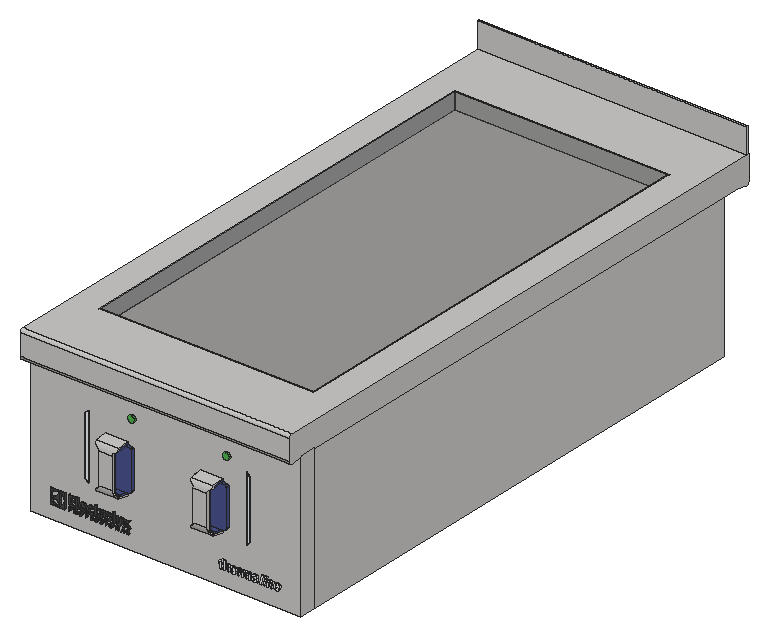
Revit family "QF_ELECTROLUXPROFESSIONAL_588505_MBCBBBDOAO", category Attrezzature speciali, Revit 2020
Family settings
  Quota connettore circolare = Usa diametro
  Tipo di parte = Normale
  Basato su piano di lavoro = No
  Sempre verticale = Sì
  Taglio con vuoti quando caricato = No
  Condiviso = No
  Punto di calcolo locali = No
Parameters (values of type "Standard")
  Weight = 22.00 kg
  Watts = 8000 W
  Volts = 400 V
  URL Manufacturer = "https://www.electroluxprofessional.com/"
  URL = "https://www.electroluxprofessional.com/"
  Steam Supply Size = 0"
  Steam Supply Minimum Pressure = 0.00 psi
  Steam Supply Maximum Pressure = 0.00 psi
  Steam Consumption per Hour = 0
  Refrigeration Suction Line Size = 0 mm
  Refrigeration Liquid Line Size = 0 mm
  Refrigerant Compressor Remote = yes
  Prospetto di default = 0 mm
  Phase = 3
  Modello = "MBCBBBDOAO"
  Produttore = "Electrolux Professional"
  Length Actual = 400 mm  # constant formula
  Item Number = "588505"
  Hot Water Size = 0"
  Height Actual = 250 mm  # constant formula
  HP = "10.7 HP"
  Gas Size = 0"
  Gas KW = 0
  Gas Input Pressure = 0.0 Btu/h
  Direct Waste Size = 0"
  Descrizione = "INFRARED TOP,2 ZONE,1S,BSPL,400X850X250H"
  Depth Actual = 850 mm  # constant formula
  Cycle = 50 Hz
  Condensate Return Size = 0"
  Compressed Air Volume = 0 GPM
  Compressed Air Size = 0"
  Compressed Air Pressure = 0.00 psi
  Cold Water Size = 0"
  Accessory = yes
Reference planes
  plane 1 "BACK": y = 0
  plane 2: z = 0
  plane 3 "LEFT": x = 0
  plane 4 "RIGHT": x = 400
  plane 5 "FRONT": y = -850
  plane 6 "TOP": z = 900
  plane 7 "Center (Left/Right)": x = 200
  plane 8: y = -425
  plane 9: y = -150
  plane 10: x = 40
  plane 11: x = 360
  plane 12: y = -95
  plane 13: y = -755
  plane 14 "EIx": x = 355
  plane 15 "EIy": y = -635
  plane 16: z = 938
  plane 17 "BaseTop": z = 650
  plane 18: y = -805
Forms (mm)
  Extrusion 1, solid, material "QF_Finishes_Stainless Steel"
    sketch origin (-178.969, -4572, 100) x (-1, 0, 0) y (0, -1, 0)
      loop
        line (-178.969, -4527) -> (-178.969, -3767) -> (-578.969, -3767) -> (-578.969, -4527) -> (-178.969, -4527)
    from 550 to 762.969
  Extrusion 2, solid, material "QF_Finishes_Stainless Steel"
    sketch origin (0, 0, 650) x (-1, 0, 0) y (0, -1, 0)
      loop
        circle (-355, 635) r 6.35
    from 0 to -11.851
  Extrusion 3, solid, material "QF_Finishes_Stainless Steel"
    sketch origin (200, 296.4, 1219.2) x (0, 1, 0) y (0, 0, 1)
      loop
        line (-296.4, -319.2) -> (-1141.4, -319.2)
        arc (-1141.4, -319.2) -> (-1144.935, -320.664) -> (-1146.4, -324.2) r 5
        line (-1146.4, -324.2) -> (-1146.4, -355.2)
        arc (-1146.4, -355.2) -> (-1144.971, -358.264) -> (-1141.705, -359.139) r 4
        line (-1141.705, -359.139) -> (-1126.4, -356.231) -> (-316.4, -356.231) -> (-301.094, -359.139)
        arc (-301.094, -359.139) -> (-297.829, -358.264) -> (-296.4, -355.2) r 4
        line (-296.4, -355.2) -> (-296.4, -319.2)
    from -200 to 200
  Extrusion 4, void
    sketch origin (0, 0, 900) x (-1, 0, 0) y (0, -1, 0)
      loop
        line (-40, 755) -> (-360, 755) -> (-360, 95) -> (-40, 95) -> (-40, 755)
    from 0 to -25
  Extrusion 5, solid, material "QF_Finishes_Stainless Steel"
    sketch origin (200, 296.4, 1219.2) x (0, 1, 0) y (0, 0, 1)
      loop
        line (-296.4, -319.2) -> (-296.4, -281.2) -> (-298.4, -281.2) -> (-298.4, -319.2) -> (-296.4, -319.2)
    from 200 to -200
  Extrusion 6, solid, material "QF_Finishes_Electrolux_Black Smoke Iluminated"
    sketch origin (0, 0, 900) x (-1, 0, 0) y (0, -1, 0)
      loop
        line (-42, 97) -> (-42, 753) -> (-358, 753) -> (-358, 97) -> (-42, 97)
    from 0 to -25
Cuts and joins
  Extrusion 4 cuts Extrusion 3
Lines and regions (mm)
  symbolic lines
    curve 1: line (0, 0, 100) -> (400, 0, 100)
    curve 2: line (0, -850, 100) -> (0, 0, 100)
    curve 3: line (400, -850, 100) -> (0, -850, 100)
    curve 4: line (400, 0, 100) -> (400, -850, 100)
    curve 5: line (40, -755, 0) -> (360, -755, 0)
    curve 6: line (360, -755, 0) -> (360, -95, 0)
    curve 7: line (360, -95, 0) -> (40, -95, 0)
    curve 8: line (40, -95, 0) -> (40, -755, 0)
    curve 9: line (0, -2, 0) -> (400, -2, 0)
  model lines
    curve 10: line (49.879, -123.089, 900) -> (71.092, -101.876, 900)
    curve 11: line (71.092, -101.876, 900) -> (328.908, -101.876, 900)
    curve 12: line (81.557, -136.465, 900) -> (62.022, -156, 900)
    curve 13: line (62.022, -156, 900) -> (62.022, -391, 900)
    curve 14: line (62.022, -391, 900) -> (81.394, -410.372, 900)
    curve 15: line (90.69, -354.325, 900) -> (118.974, -382.61, 900)
    curve 16: line (91.385, -328.405, 900) -> (145.888, -382.908, 900)
    curve 17: line (90.69, -300.864, 900) -> (172.007, -382.181, 900)
    curve 18: line (91.358, -274.411, 900) -> (200, -383.053, 900)
    curve 19: line (91.358, -274.411, 900) -> (200, -165.769, 900)
    curve 20: line (200, -354.189, 900) -> (118.683, -272.871, 900)
    curve 21: line (118.683, -272.871, 900) -> (200, -191.554, 900)
    curve 22: line (200, -328.795, 900) -> (145.497, -274.292, 900)
    curve 23: line (145.497, -274.292, 900) -> (200, -219.789, 900)
    curve 24: line (200, -301.584, 900) -> (171.716, -273.3, 900)
    curve 25: line (171.716, -273.3, 900) -> (200, -245.016, 900)
    curve 26: line (90.69, -194.259, 900) -> (118.974, -165.975, 900)
    curve 27: line (91.385, -220.18, 900) -> (145.888, -165.677, 900)
    curve 28: line (90.69, -247.72, 900) -> (172.007, -166.403, 900)
    curve 29: line (309.31, -354.325, 900) -> (281.026, -382.61, 900)
    curve 30: line (308.615, -328.405, 900) -> (254.112, -382.908, 900)
    curve 31: line (309.31, -300.864, 900) -> (227.993, -382.181, 900)
    curve 32: line (308.642, -274.411, 900) -> (200, -383.053, 900)
    curve 33: line (308.642, -274.411, 900) -> (200, -165.769, 900)
    curve 34: line (200, -354.189, 900) -> (281.317, -272.871, 900)
    curve 35: line (281.317, -272.871, 900) -> (200, -191.554, 900)
    curve 36: line (200, -328.795, 900) -> (254.503, -274.292, 900)
    curve 37: line (254.503, -274.292, 900) -> (200, -219.789, 900)
    curve 38: line (200, -301.584, 900) -> (228.284, -273.3, 900)
    curve 39: line (228.284, -273.3, 900) -> (200, -245.016, 900)
    curve 40: line (309.31, -194.259, 900) -> (281.026, -165.975, 900)
    curve 41: line (308.615, -220.18, 900) -> (254.112, -165.677, 900)
    curve 42: line (309.31, -247.72, 900) -> (227.993, -166.403, 900)
    curve 43: line (318.443, -136.465, 900) -> (337.978, -156, 900)
    curve 44: line (337.978, -156, 900) -> (337.978, -391, 900)
    curve 45: line (337.978, -391, 900) -> (318.606, -410.372, 900)
    curve 46: line (350.121, -123.089, 900) -> (328.908, -101.876, 900)
    curve 47: line (49.879, -726.911, 900) -> (71.092, -748.124, 900)
    curve 48: line (71.092, -748.124, 900) -> (328.908, -748.124, 900)
    curve 49: line (81.557, -713.535, 900) -> (62.022, -694, 900)
    curve 50: line (62.022, -694, 900) -> (62.022, -459, 900)
    curve 51: line (62.022, -459, 900) -> (81.394, -439.628, 900)
    curve 52: line (90.69, -495.675, 900) -> (118.974, -467.39, 900)
    curve 53: line (91.385, -521.595, 900) -> (145.888, -467.092, 900)
    curve 54: line (90.69, -549.136, 900) -> (172.007, -467.819, 900)
    curve 55: line (91.358, -575.589, 900) -> (200, -466.947, 900)
    curve 56: line (91.358, -575.589, 900) -> (200, -684.231, 900)
    curve 57: line (200, -495.811, 900) -> (118.683, -577.129, 900)
    curve 58: line (118.683, -577.129, 900) -> (200, -658.446, 900)
    curve 59: line (200, -521.205, 900) -> (145.497, -575.708, 900)
    curve 60: line (145.497, -575.708, 900) -> (200, -630.211, 900)
    curve 61: line (200, -548.416, 900) -> (171.716, -576.7, 900)
    curve 62: line (171.716, -576.7, 900) -> (200, -604.984, 900)
    curve 63: line (90.69, -655.741, 900) -> (118.974, -684.025, 900)
    curve 64: line (91.385, -629.82, 900) -> (145.888, -684.323, 900)
    curve 65: line (90.69, -602.28, 900) -> (172.007, -683.597, 900)
    curve 66: line (309.31, -495.675, 900) -> (281.026, -467.39, 900)
    curve 67: line (308.615, -521.595, 900) -> (254.112, -467.092, 900)
    curve 68: line (309.31, -549.136, 900) -> (227.993, -467.819, 900)
    curve 69: line (308.642, -575.589, 900) -> (200, -466.947, 900)
    curve 70: line (308.642, -575.589, 900) -> (200, -684.231, 900)
    curve 71: line (200, -495.811, 900) -> (281.317, -577.129, 900)
    curve 72: line (281.317, -577.129, 900) -> (200, -658.446, 900)
    curve 73: line (200, -521.205, 900) -> (254.503, -575.708, 900)
    curve 74: line (254.503, -575.708, 900) -> (200, -630.211, 900)
    curve 75: line (200, -548.416, 900) -> (228.284, -576.7, 900)
    curve 76: line (228.284, -576.7, 900) -> (200, -604.984, 900)
    curve 77: line (309.31, -655.741, 900) -> (281.026, -684.025, 900)
    curve 78: line (308.615, -629.82, 900) -> (254.112, -684.323, 900)
    curve 79: line (309.31, -602.28, 900) -> (227.993, -683.597, 900)
    curve 80: line (318.443, -713.535, 900) -> (337.978, -694, 900)
    curve 81: line (337.978, -694, 900) -> (337.978, -459, 900)
    curve 82: line (337.978, -459, 900) -> (318.606, -439.628, 900)
    curve 83: line (350.121, -726.911, 900) -> (328.908, -748.124, 900)
Dimensions and locks
  locked: plane 3 "LEFT" to plane 4 "RIGHT" at 400
  locked: plane 5 "FRONT" to plane 1 "BACK" at 850
  equal spacing: plane 3 "LEFT", plane 7 "Center (Left/Right)", plane 4 "RIGHT"
  equal spacing: plane 5 "FRONT", plane 8, plane 1 "BACK"
  plane 6 "TOP" to level = 900 mm  (x2)
  plane 1 "BACK" to plane 9 = 150 mm
  plane 1 "BACK" to Extrusion 2 = 635 mm
  locked: plane 14 "EIx" to plane 4 "RIGHT" at 45
  locked: plane 15 "EIy" to plane 1 "BACK" at 635
  plane 16 to plane 6 "TOP" = 38 mm
  plane 12 to plane 1 "BACK" = 95 mm
  plane 5 "FRONT" to plane 13 = 95 mm
  plane 3 "LEFT" to plane 10 = 40 mm
  plane 11 to plane 4 "RIGHT" = 40 mm
  locked: plane 6 "TOP" to plane 17 "BaseTop" at 250
  locked: plane 18 to plane 5 "FRONT" at 45
  aligned and locked: level to plane 2
  aligned and locked: cut or joined group of Extrusion 3, Extrusion 4 to plane 3 "LEFT"
  aligned and locked: cut or joined group of Extrusion 3, Extrusion 4 to plane 4 "RIGHT"
  aligned and locked: Extrusion 4 sketch curve to plane 10
  aligned and locked: plane 12 to Extrusion 4 sketch curve
  aligned and locked: plane 11 to Extrusion 4 sketch curve
  aligned and locked: Extrusion 4 sketch curve to plane 13
  aligned and locked: nested 1 to plane 18
  aligned and locked: Extrusion 1 to plane 18
  aligned and locked: Extrusion 5 to plane 3 "LEFT"
  aligned and locked: Extrusion 5 to plane 4 "RIGHT"
  aligned and locked: plane 3 "LEFT" to nested 1
Automatic sketch dimensions
  Extrusion 2 sketch curve to plane 14 "EIx" = 0 mm
  Extrusion 2 sketch curve to plane 15 "EIy" = 0 mm
  Extrusion 5 sketch curve to plane 6 "TOP" = 0 mm
  Extrusion 5 sketch curve to plane 16 = 0 mm
  Extrusion 5 sketch curve to plane 1 "BACK" = 0 mm
  Extrusion 5 sketch curve to Extrusion 5 sketch curve = 2 mm
  Extrusion 3 sketch curve to plane 5 "FRONT" = 0 mm
  Extrusion 3 sketch curve to plane 6 "TOP" = 0 mm
  Extrusion 3 sketch curve to plane 1 "BACK" = 0 mm
  Extrusion 3 sketch curve to Extrusion 3 sketch curve = 4 mm
  Extrusion 3 sketch curve to Extrusion 3 sketch curve = 0.695 mm
  Extrusion 3 sketch curve to plane 5 "FRONT" = 5 mm
  Extrusion 3 sketch curve to Extrusion 3 sketch curve = 15.305 mm
  plane 1 "BACK" to Extrusion 3 sketch curve = 20 mm
  plane 1 "BACK" to Extrusion 3 sketch curve = 4.695 mm
  plane 1 "BACK" to Extrusion 3 sketch curve = 4 mm
  Extrusion 3 sketch curve to Extrusion 3 sketch curve = 31 mm
  Extrusion 3 sketch curve to Extrusion 3 sketch curve = 36 mm
  Extrusion 3 sketch curve to Extrusion 3 sketch curve = 2.909 mm
  curve 9 to plane 3 "LEFT" = 0 mm
  curve 5 to plane 10 = 0 mm
  curve 6 to plane 11 = 0 mm
  curve 9 to plane 4 "RIGHT" = 0 mm
  plane 13 to curve 5 = 0 mm
  plane 12 to curve 7 = 0 mm
  plane 1 "BACK" to curve 9 = 2 mm
  Extrusion 1 sketch curve to plane 4 "RIGHT" = 0 mm
  Extrusion 1 sketch curve to plane 3 "LEFT" = 0 mm
  Extrusion 1 sketch curve to plane 18 = 0 mm
  plane 1 "BACK" to Extrusion 1 sketch curve = 45 mm
  plane 1 "BACK" to curve 1 = 0 mm
  curve 1 to plane 4 "RIGHT" = 0 mm
  curve 3 to plane 3 "LEFT" = 0 mm
  plane 5 "FRONT" to curve 3 = 0 mm
  curve 34 to plane 7 "Center (Left/Right)" = 0 mm
  curve 39 to plane 7 "Center (Left/Right)" = 0 mm
  curve 33 to plane 7 "Center (Left/Right)" = 0 mm
  curve 32 to plane 7 "Center (Left/Right)" = 0 mm
  curve 35 to plane 7 "Center (Left/Right)" = 0 mm
  curve 61 to plane 7 "Center (Left/Right)" = 0 mm
  curve 59 to plane 7 "Center (Left/Right)" = 0 mm
  curve 38 to plane 7 "Center (Left/Right)" = 0 mm
  curve 76 to plane 7 "Center (Left/Right)" = 0 mm
  curve 37 to plane 7 "Center (Left/Right)" = 0 mm
  curve 58 to plane 7 "Center (Left/Right)" = 0 mm
  curve 71 to plane 7 "Center (Left/Right)" = 0 mm
  curve 70 to plane 7 "Center (Left/Right)" = 0 mm
  curve 22 to plane 7 "Center (Left/Right)" = 0 mm
  curve 69 to plane 7 "Center (Left/Right)" = 0 mm
  curve 74 to plane 7 "Center (Left/Right)" = 0 mm
  plane 7 "Center (Left/Right)" to curve 39 = 28.284 mm
  plane 7 "Center (Left/Right)" to curve 75 = 28.284 mm
  curve 73 to curve 75 = 26.219 mm
  curve 36 to curve 38 = 26.219 mm
  curve 72 to curve 73 = 26.814 mm
  curve 35 to curve 36 = 26.814 mm
  curve 69 to curve 71 = 27.325 mm
  curve 32 to curve 34 = 27.325 mm
  curve 83 to plane 13 = 6.876 mm
  plane 14 "EIx" to curve 83 = 26.092 mm
  plane 12 to curve 46 = 6.876 mm
  plane 14 "EIx" to curve 46 = 26.092 mm
  plane 14 "EIx" to curve 45 = 17.022 mm
  plane 14 "EIx" to curve 81 = 17.022 mm
  curve 48 to plane 10 = 31.092 mm
  curve 11 to plane 10 = 31.092 mm
  curve 51 to plane 10 = 22.022 mm
  curve 13 to plane 9 = 6 mm
  curve 13 to plane 10 = 22.022 mm
  curve 44 to plane 9 = 6 mm
  curve 19 to plane 9 = 15.769 mm
  curve 19 to curve 35 = 25.785 mm
  curve 21 to curve 23 = 28.235 mm
  curve 23 to curve 39 = 25.226 mm
  curve 25 to curve 20 = 27.856 mm
  curve 25 to curve 24 = 28.284 mm
  curve 38 to curve 37 = 0.992 mm
  curve 34 to curve 32 = 1.54 mm
  plane 8 to curve 44 = 34 mm
  plane 8 to curve 14 = 34 mm
  curve 81 to plane 8 = 34 mm
  curve 51 to plane 8 = 34 mm
  curve 55 to plane 8 = 41.947 mm
  curve 55 to curve 57 = 28.865 mm
  curve 57 to curve 59 = 25.393 mm
  curve 59 to curve 75 = 27.211 mm
  plane 15 "EIy" to curve 70 = 59.411 mm
  curve 69 to curve 74 = 0.119 mm
  curve 74 to curve 76 = 0.992 mm
  curve 73 to curve 72 = 1.421 mm
  curve 80 to curve 48 = 54.124 mm
  curve 49 to curve 47 = 54.124 mm
  plane 7 "Center (Left/Right)" to curve 31 = 27.993 mm
  plane 7 "Center (Left/Right)" to curve 42 = 27.993 mm
  plane 7 "Center (Left/Right)" to curve 68 = 27.993 mm
  plane 7 "Center (Left/Right)" to curve 79 = 27.993 mm
  curve 30 to curve 31 = 26.12 mm
  curve 78 to curve 79 = 26.12 mm
  curve 67 to curve 68 = 26.12 mm
  curve 41 to plane 9 = 15.677 mm
  curve 41 to curve 42 = 26.12 mm
  curve 66 to curve 67 = 26.913 mm
  curve 77 to curve 78 = 26.913 mm
  curve 40 to plane 9 = 15.975 mm
  curve 40 to curve 41 = 26.913 mm
  curve 29 to curve 30 = 26.913 mm
  plane 14 "EIx" to curve 41 = 46.385 mm
  plane 15 "EIy" to curve 78 = 5.18 mm
  plane 14 "EIx" to curve 78 = 46.385 mm
  plane 14 "EIx" to curve 67 = 46.385 mm
  plane 14 "EIx" to curve 30 = 46.385 mm
  curve 66 to curve 67 = 0.694 mm
  curve 31 to curve 32 = 0.667 mm
  curve 29 to curve 30 = 0.694 mm
  curve 40 to curve 41 = 0.694 mm
  curve 79 to curve 69 = 0.667 mm
  curve 68 to curve 69 = 0.667 mm
  curve 42 to curve 32 = 0.667 mm
  curve 77 to plane 15 "EIy" = 20.741 mm
  curve 77 to curve 78 = 0.694 mm
  plane 9 to curve 43 = 13.535 mm
  curve 43 to curve 43 = 19.535 mm
  curve 80 to curve 80 = 19.535 mm  (x2)
  curve 82 to plane 8 = 14.628 mm
  curve 81 to curve 82 = 19.372 mm
  plane 8 to curve 45 = 14.628 mm
  curve 44 to curve 45 = 19.372 mm
  plane 14 "EIx" to curve 46 = 4.879 mm
  plane 14 "EIx" to curve 83 = 4.879 mm
  curve 65 to plane 7 "Center (Left/Right)" = 27.993 mm
  curve 17 to plane 7 "Center (Left/Right)" = 27.993 mm
  curve 28 to plane 7 "Center (Left/Right)" = 27.993 mm
  curve 54 to plane 7 "Center (Left/Right)" = 27.993 mm
  curve 27 to plane 9 = 15.677 mm
  curve 28 to curve 27 = 26.12 mm
  curve 65 to curve 64 = 26.12 mm
  curve 54 to curve 53 = 26.12 mm
  curve 17 to curve 16 = 26.12 mm
  curve 26 to plane 9 = 15.975 mm
  curve 27 to curve 26 = 26.913 mm
  curve 64 to curve 63 = 26.913 mm
  curve 16 to curve 15 = 26.913 mm
  curve 53 to curve 52 = 26.913 mm
  curve 16 to plane 10 = 51.385 mm
  plane 15 "EIy" to curve 64 = 5.18 mm
  curve 64 to plane 10 = 51.385 mm
  curve 53 to plane 10 = 51.385 mm
  curve 27 to plane 10 = 51.385 mm
  curve 63 to plane 15 "EIy" = 20.741 mm
  curve 64 to curve 63 = 0.694 mm
  curve 18 to curve 17 = 0.667 mm
  curve 53 to curve 52 = 0.694 mm
  curve 18 to curve 28 = 0.667 mm
  curve 55 to curve 54 = 0.667 mm
  curve 27 to curve 26 = 0.694 mm
  curve 16 to curve 15 = 0.694 mm
  curve 55 to curve 65 = 0.667 mm
  curve 49 to curve 49 = 19.535 mm  (x2)
  plane 9 to curve 12 = 13.535 mm
  curve 12 to curve 12 = 19.535 mm
  curve 51 to plane 8 = 14.628 mm
  curve 51 to curve 51 = 19.372 mm
  plane 8 to curve 14 = 14.628 mm
  curve 14 to curve 13 = 19.372 mm
  curve 47 to plane 10 = 9.879 mm
  curve 10 to plane 10 = 9.879 mm
  plane 9 to curve 10 = 26.911 mm
  plane 9 to curve 46 = 26.911 mm
  curve 42 to plane 9 = 16.403 mm
  curve 28 to plane 9 = 16.403 mm
  curve 26 to curve 26 = 28.284 mm
  curve 40 to curve 40 = 28.284 mm
  curve 40 to curve 41 = 25.921 mm
  curve 26 to curve 27 = 25.921 mm
  curve 28 to curve 18 = 26.691 mm
  curve 42 to curve 32 = 26.691 mm
  curve 18 to curve 17 = 26.453 mm
  curve 32 to curve 31 = 26.453 mm
  curve 31 to curve 30 = 27.541 mm
  curve 17 to curve 16 = 27.541 mm
  curve 16 to curve 15 = 25.921 mm
  curve 30 to curve 29 = 25.921 mm
  curve 17 to curve 18 = 0.872 mm
  curve 31 to curve 18 = 0.872 mm
  curve 15 to curve 15 = 28.284 mm
  curve 29 to curve 29 = 28.284 mm
  curve 31 to curve 30 = 0.727 mm
  curve 17 to curve 16 = 0.727 mm
  curve 67 to plane 8 = 42.092 mm
  curve 53 to plane 8 = 42.092 mm
  curve 67 to curve 66 = 0.298 mm
  curve 53 to curve 52 = 0.298 mm
  curve 67 to curve 68 = 0.727 mm
  curve 53 to curve 54 = 0.727 mm
  curve 52 to curve 52 = 28.284 mm
  curve 66 to curve 66 = 28.284 mm
  curve 52 to curve 53 = 25.921 mm
  curve 66 to curve 67 = 25.921 mm
  curve 54 to curve 55 = 26.453 mm
  curve 68 to curve 69 = 26.453 mm
  curve 69 to curve 79 = 26.691 mm
  curve 55 to curve 65 = 26.691 mm
  curve 65 to curve 56 = 0.635 mm
  curve 79 to curve 56 = 0.635 mm
  curve 63 to curve 63 = 28.284 mm
  curve 77 to curve 77 = 28.284 mm
  curve 65 to curve 64 = 0.727 mm
  curve 79 to curve 78 = 0.727 mm
  curve 83 to plane 13 = 28.089 mm
  curve 47 to plane 13 = 28.089 mm
  plane 11 to Extrusion 6 sketch curve = 2 mm
  Extrusion 6 sketch curve to plane 10 = 2 mm
  plane 12 to Extrusion 6 sketch curve = 2 mm
  Extrusion 6 sketch curve to plane 13 = 2 mm
  radius of Extrusion 2 sketch curve = 6.35 mm
Nested families
  nested 1: "Front_Panel_W400_2 Knobs_Spie" at (52.376, -805, 0), type "Front_Panel_W400_2 Knobs_Spie"
Connectors
  electrical at (355, -635, 638.149)
    settings: on Extrusion 2, index 1, voltage 400 V, apparent load 33000 VA, apparent load phase1 0 VA, apparent load phase2 0 VA, apparent load phase3 0 VA, power factor 1, load classification "Other", number of poles 1, system type 30, power factor state 1, is connector primary yes, connector utility no, sub classification motor no, connector description "ELECTRICAL CONNECTION"
Definition of nested family "Front_Panel_W400_2 Knobs_Spie"
  Parameters
    Default Elevation = 0 mm
  Reference planes
    plane 1 "Center (Front/Back)": y = 0
    plane 2: z = 0
    plane 3 "Center (Left/Right)": x = 147.624
    plane 4 "Left": x = -52.376
    plane 5 "Right": x = 347.624
    plane 6: y = -45
    plane 7 "Panel": y = -25
  Forms (mm)
    Extrusion 1, solid
      sketch origin (833.217, 829.203, -1.25) x (0, 1, 0) y (0, 0, 1)
        loop
          line (-854.203, 651.25) -> (-829.203, 651.25) -> (-829.203, 864.25) -> (-854.203, 864.25) -> (-854.203, 651.25)
      from -885.593 to -485.593
    Extrusion 2, void
      sketch origin (0, -25, -10) x (0, 0, 1) y (-1, 0, 0)
        loop
          line (731.866, -27.624) -> (726.866, -32.624) -> (823.866, -32.624) -> (818.866, -27.624) -> (731.866, -27.624)
        loop
          line (731.866, -272.624) -> (818.866, -272.624) -> (823.866, -267.624) -> (726.866, -267.624) -> (731.866, -272.624)
      from 0 to -2
    Extrusion 3, solid
      sketch origin (110, -25, 1.163) x (0, 0, 1) y (-1, 0, 0)
        loop
          circle (824.337, 12.376) r 5
      from 0 to 1.7
    Extrusion 4, solid
      sketch origin (0, -25, -10) x (0, 0, 1) y (-1, 0, 0)
        loop
          line (731.866, -27.624) -> (726.866, -32.624) -> (823.866, -32.624) -> (818.866, -27.624) -> (731.866, -27.624)
        loop
          line (726.866, -267.624) -> (731.866, -272.624) -> (818.866, -272.624) -> (823.866, -267.624) -> (726.866, -267.624)
      from 0 to -2
    Extrusion 5, solid
      sketch origin (250.724, -25, 1.163) x (0, 0, 1) y (-1, 0, 0)
        loop
          circle (824.337, 12.376) r 5
      from 0 to 1.7
  Cuts and joins
    Extrusion 2 cuts Extrusion 1
  Dimensions and locks
    equal spacing: plane 5 "Right", plane 3 "Center (Left/Right)", plane 4 "Left"
    plane 5 "Right" to plane 4 "Left" = 400 mm
    aligned and locked: cut or joined group of Extrusion 1, Extrusion 2 to plane 4 "Left"
    aligned and locked: plane 5 "Right" to cut or joined group of Extrusion 1, Extrusion 2
  Automatic sketch dimensions
    Extrusion 1 sketch curve to plane 7 "Panel" = 0 mm
    Extrusion 1 sketch curve to plane 1 "Center (Front/Back)" = 0 mm
    Extrusion 2 sketch curve to Extrusion 2 sketch curve = 5 mm  (x6)
    Extrusion 2 sketch curve to plane 5 "Right" = 75 mm
    plane 4 "Left" to Extrusion 2 sketch curve = 85 mm
    Extrusion 3 sketch curve to plane 3 "Center (Left/Right)" = 50 mm
    Extrusion 4 sketch curve to Extrusion 4 sketch curve = 5 mm  (x6)
    Extrusion 4 sketch curve to plane 5 "Right" = 75 mm
    plane 4 "Left" to Extrusion 4 sketch curve = 85 mm
    plane 3 "Center (Left/Right)" to Extrusion 5 sketch curve = 90.724 mm
    level to Extrusion 1 sketch curve = 650 mm
    Extrusion 1 sketch curve to Extrusion 1 sketch curve = 213 mm
    level to Extrusion 2 sketch curve = 716.866 mm
    Extrusion 2 sketch curve to Extrusion 2 sketch curve = 0 mm
    Extrusion 2 sketch curve to Extrusion 2 sketch curve = 87 mm  (x2)
    level to Extrusion 3 sketch curve = 825.5 mm
    level to Extrusion 4 sketch curve = 716.866 mm
    Extrusion 4 sketch curve to Extrusion 4 sketch curve = 0 mm
    Extrusion 4 sketch curve to Extrusion 4 sketch curve = 87 mm  (x2)
    level to Extrusion 5 sketch curve = 825.5 mm
    radius of Extrusion 3 sketch curve = 5 mm
    radius of Extrusion 5 sketch curve = 5 mm
  Nested families
    nested 1: "Range Control Handle" at (77.624, -28.137, -209.113) x (-1, 0, 0) z (0, 0, 1), type "Range Control Handle"
    nested 2: "Range Control Handle" at (217.624, -28.137, -209.113), type "Range Control Handle"
    nested 3: "ELX_ThermaLine_Small" at (269.008, -25, 679.413) x (1, 0, 0) z (0, -1, 0), type "ELX_ThermaLine_Small"
      with Show Logo yes, Material_Logo none
    nested 4: "ELX_Professional_Logo_Small" at (37.088, -25, 681.646) x (1, 0, 0) z (0, -1, 0), type "ELX_Professional_Logo_Small"
      with Show Logo yes, Material_Logo none
  Definition of nested family "Range Control Handle"
    Parameters
      Default Elevation = 0 mm
    Reference planes
      plane 1 "Center (Front/Back)": y = 0
      plane 2: z = 0
      plane 3 "Center (Left/Right)": x = 0
      plane 4: z = 971.092
      plane 5: y = -16.9
    Forms (mm)
      Extrusion 1, solid
        sketch origin (-746.28, 380.497, 208.931) x (-1, 0, 0) y (0, 0, 1)
          loop
            line (-770.101, 786.798) -> (-770.101, 731.649)
            arc (-770.101, 731.649) -> (-769.759, 730.563) -> (-768.855, 729.87) r 1.893
            line (-768.855, 729.87) -> (-763.474, 727.911) -> (-729.81, 727.911) -> (-724.428, 729.87)
            arc (-724.428, 729.87) -> (-723.525, 730.563) -> (-723.183, 731.649) r 1.893
            line (-723.183, 731.649) -> (-723.183, 786.798)
            arc (-723.183, 786.798) -> (-723.529, 787.894) -> (-724.44, 788.593) r 1.91
            line (-724.44, 788.593) -> (-729.683, 790.819) -> (-763.601, 790.819) -> (-768.844, 788.593)
            arc (-768.844, 788.593) -> (-769.755, 787.894) -> (-770.101, 786.798) r 1.91
        from -382.35 to -378.852
      Sweep 2, solid
        path origin (-746.788, 380.496, 208.091) x (0, -1, 0) y (0, 0, 1)
          loop
            line (379.775, 793.281) -> (395.661, 791.048)
            arc (395.661, 791.048) -> (397.781, 787.377) -> (398.517, 783.202) r 12.207
            line (398.517, 783.202) -> (398.517, 737.368)
            arc (398.517, 737.368) -> (397.781, 733.193) -> (395.661, 729.522) r 12.207
            line (395.661, 729.522) -> (379.775, 727.289)
        profile origin (-746.788, -7.222, 1000.256) x (0, -0.139173, 0.990268) y (-1, 0, 0)
          loop
            line (0.782, -763.123) -> (0.782, -730.907) -> (-1.322, -730.907) -> (-1.322, -763.123) -> (0.782, -763.123)
      Sweep 3, solid
        path origin (-746.788, 380.715, 207.832) x (0, -1, 0) y (0, 0, 1)
          loop
            line (380.478, 795.442) -> (397.218, 793.09)
            arc (397.218, 793.09) -> (399.929, 788.473) -> (400.871, 783.202) r 15.207
            line (400.871, 783.202) -> (400.871, 737.584)
            arc (400.871, 737.584) -> (399.914, 732.274) -> (397.164, 727.633) r 15.207
            line (397.164, 727.633) -> (380.601, 725.305)
        profile origin (-746.788, -8.132, 1002.099) x (0, -0.139173, 0.990268) y (-1, 0, 0)
          loop
            line (0.782, -763.123) -> (0.782, -730.907) -> (-1.322, -730.907) -> (-1.322, -763.123) -> (0.782, -763.123)
      Extrusion 4, void
        sketch origin (889.253, 220.666, 207.993) x (1, 0, 0) y (0, 0, 1)
          loop
            line (-943.038, 816.854) -> (-943.038, 703.686) -> (-899.466, 734.196) -> (-899.466, 786.344) -> (-943.038, 816.854)
        from 230.636 to 242.25
      Extrusion 5, void
        sketch origin (-888.8, 220.666, 207.993) x (-1, 0, 0) y (0, 0, -1)
          loop
            line (-943.038, -816.854) -> (-899.466, -786.344) -> (-899.466, -734.196) -> (-943.038, -703.686) -> (-943.038, -816.854)
        from 230.636 to 242.25
      Extrusion 6, solid
        sketch origin (0, 0, 0) x (1, 0, 0) y (0, 0, 1)
          loop
            circle (0, 971.092) r 7.736
        from -3.137 to -1.645
    Cuts and joins
      Extrusion 4, Extrusion 5 cuts Sweep 3
      Extrusion 4, Extrusion 5 cuts Sweep 2
      joined: Extrusion 1, Extrusion 6
    Lines and regions (mm)
      symbolic lines
        curve 1: line (16.334, -16.9, 0) -> (16.334, -19.227, 0)
        curve 2: spline (16.334, -19.227, 0) -> (15.87, -19.385, 0) -> (15.404, -19.536, 0) -> (14.936, -19.678, 0) -> (14.466, -19.813, 0) -> (13.995, -19.94, 0) -> (13.523, -20.059, 0) -> (13.049, -20.171, 0) -> (12.575, -20.274, 0) -> (12.099, -20.37, 0) -> (11.622, -20.458, 0) -> (11.144, -20.537, 0) -> (10.666, -20.609, 0)
        curve 3: line (10.666, -16.9, 0) -> (10.666, -20.938, 0)
        curve 4: line (-10.213, -20.938, 0) -> (10.666, -20.938, 0)
        curve 5: line (-10.213, -20.938, 0) -> (-10.213, -16.9, 0)
        curve 6: spline (-10.213, -20.609, 0) -> (-10.691, -20.537, 0) -> (-11.169, -20.458, 0) -> (-11.646, -20.37, 0) -> (-12.122, -20.274, 0) -> (-12.597, -20.171, 0) -> (-13.07, -20.059, 0) -> (-13.542, -19.94, 0) -> (-14.013, -19.813, 0) -> (-14.483, -19.678, 0) -> (-14.951, -19.536, 0) -> (-15.417, -19.385, 0) -> (-15.881, -19.227, 0)
        curve 7: line (-15.881, -19.227, 0) -> (-15.881, -16.9, 0)
  Definition of nested family "ELX_ThermaLine_Small"
    Parameters
      Show Logo [instance] = yes
      Material_Logo [instance] = none
      Default Elevation = 0 mm
    Reference planes
      plane 1 "Centro (Fronte/Retro)": y = 0
      plane 2: z = 0
      plane 3 "Centro (Sinistra/Destra)": x = 0
    Forms (mm)
      Extrusion 1, solid
        sketch origin (0, 0, 0) x (1, 0, 0) y (0, 1, 0)
          loop
            line (-1219.2, 1219.2) -> (-1219.2, -1219.2) -> (1219.2, -1219.2) -> (1219.2, 1219.2) -> (-1219.2, 1219.2)
        from 0 to -304.8
      Extrusion 2, solid
        sketch origin (0, 0, 0) x (1, 0, 0) y (0, 1, 0)
          loop
            line (-37.494, 1.229) -> (-35.908, 1.229) -> (-35.908, 3.066) -> (-37.494, 3.066) -> (-37.494, 6.221) -> (-39.867, 4.881) -> (-39.867, 3.066) -> (-40.969, 3.066) -> (-40.969, 1.229) -> (-39.867, 1.229) -> (-39.867, -3.407)
            arc (-39.867, -3.407) -> (-38.982, -5.513) -> (-36.751, -6.001) r 2.478
            line (-36.751, -6.001) -> (-35.638, -5.7) -> (-35.9, -3.835) -> (-36.661, -4.039)
            arc (-36.661, -4.039) -> (-37.236, -3.924) -> (-37.494, -3.399) r 0.662
            line (-37.494, -3.399) -> (-37.494, 1.229)
          loop
            line (-34.242, 6.539) -> (-34.242, -5.848) -> (-31.854, -5.848) -> (-31.854, -0.078)
            arc (-31.854, -0.078) -> (-30.939, 1.249) -> (-29.33, 1.367) r 1.866
            arc (-29.33, 1.367) -> (-28.695, 0.768) -> (-28.461, -0.073) r 1.627
            line (-28.461, -0.073) -> (-28.461, -5.848) -> (-26.086, -5.848) -> (-26.064, -0.46)
            arc (-26.064, -0.46) -> (-26.261, 0.932) -> (-26.786, 2.237) r 5.825
            arc (-26.786, 2.237) -> (-29.381, 3.264) -> (-31.854, 1.971) r 3.353
            line (-31.854, 1.971) -> (-31.854, 6.539) -> (-34.242, 6.539)
          loop
            arc (-18.398, -0.598) -> (-18.893, 0.879) -> (-20.326, 1.487) r 1.897
            arc (-20.326, 1.487) -> (-21.461, 0.708) -> (-21.897, -0.598) r 2.164
            line (-21.897, -0.598) -> (-18.398, -0.598)
          loop
            arc (-16.021, -2.044) -> (-16.754, 1.227) -> (-19.444, 3.226) r 4.814
            arc (-19.444, 3.226) -> (-22.137, 2.788) -> (-23.943, 0.743) r 4.054
            arc (-23.943, 0.743) -> (-24.382, -1.249) -> (-24.162, -3.276) r 6.289
            arc (-24.162, -3.276) -> (-23.302, -4.71) -> (-21.958, -5.705) r 4.28
            arc (-21.958, -5.705) -> (-18.558, -5.814) -> (-16.152, -3.409) r 4.28
            line (-16.152, -3.409) -> (-18.5, -2.995)
            arc (-18.5, -2.995) -> (-19.273, -3.994) -> (-20.533, -4.076) r 1.536
            arc (-20.533, -4.076) -> (-21.56, -3.281) -> (-21.958, -2.044) r 2.197
            line (-21.958, -2.044) -> (-16.021, -2.044)
          loop
            line (-14.165, -5.848) -> (-11.819, -5.848) -> (-11.819, -2.138)
            arc (-11.819, -2.138) -> (-11.787, -1.156) -> (-11.637, -0.185) r 8.18
            arc (-11.637, -0.185) -> (-10.644, 0.972) -> (-9.132, 0.776) r 1.603
            line (-9.132, 0.776) -> (-8.419, 2.846)
            arc (-8.419, 2.846) -> (-10.432, 3.118) -> (-11.994, 1.821) r 2.527
            line (-11.994, 1.821) -> (-11.994, 3.094) -> (-14.165, 3.094) -> (-14.165, -5.848)
          loop
            line (-7.579, 3.094) -> (-7.579, -5.848) -> (-5.178, -5.848) -> (-5.178, -0.756)
            arc (-5.178, -0.756) -> (-4.727, 0.679) -> (-3.417, 1.419) r 2.05
            arc (-3.417, 1.419) -> (-2.499, 0.908) -> (-2.155, -0.085) r 1.471
            line (-2.155, -0.085) -> (-2.155, -5.848) -> (0.23, -5.848) -> (0.23, -1.001)
            arc (0.23, -1.001) -> (0.47, 0.127) -> (1.148, 1.061) r 2.775
            arc (1.148, 1.061) -> (2.225, 1.329) -> (3.05, 0.587) r 1.182
            arc (3.05, 0.587) -> (3.199, -0.019) -> (3.214, -0.642) r 2.894
            line (3.214, -0.642) -> (3.214, -5.848) -> (5.601, -5.848) -> (5.601, 0.261)
            arc (5.601, 0.261) -> (4.87, 2.263) -> (2.976, 3.241) r 2.932
            arc (2.976, 3.241) -> (1.284, 2.973) -> (-0.047, 1.896) r 3.309
            arc (-0.047, 1.896) -> (-1.116, 2.865) -> (-2.506, 3.258) r 3.16
            arc (-2.506, 3.258) -> (-4.105, 2.942) -> (-5.376, 1.92) r 3.419
            line (-5.376, 1.92) -> (-5.376, 3.094) -> (-7.579, 3.094)
          loop
            line (7.583, 0.738) -> (9.702, 0.364)
            arc (9.702, 0.364) -> (11.441, 1.492) -> (12.855, -0.023) r 1.613
            line (12.855, -0.023) -> (9.782, -0.789)
            arc (9.782, -0.789) -> (8.559, -1.346) -> (7.617, -2.305) r 3.687
            arc (7.617, -2.305) -> (7.499, -3.681) -> (7.901, -5.003) r 3.651
            arc (7.901, -5.003) -> (9.107, -5.766) -> (10.515, -6.006) r 3.635
            arc (10.515, -6.006) -> (11.898, -5.697) -> (13.067, -4.895) r 3.734
            line (13.067, -4.895) -> (13.376, -5.848) -> (15.75, -5.848) -> (15.212, -4.193) -> (15.212, 0.38)
            arc (15.212, 0.38) -> (14.897, 1.849) -> (13.818, 2.895) r 2.585
            arc (13.818, 2.895) -> (11.792, 3.442) -> (9.719, 3.11) r 5.005
            arc (9.719, 3.11) -> (8.369, 2.178) -> (7.583, 0.738) r 3.54
          loop
            line (19.723, -5.848) -> (22.233, -5.848) -> (24.854, 6.484) -> (22.345, 6.484) -> (19.723, -5.848)
          loop
            line (24.583, -5.848) -> (26.953, -5.848) -> (28.848, 3.066) -> (26.478, 3.066) -> (24.583, -5.848)
          loop
            line (27.204, 6.484) -> (26.741, 4.305) -> (29.111, 4.305) -> (29.575, 6.484) -> (27.204, 6.484)
          loop
            line (29.355, -5.848) -> (31.849, -5.848) -> (33.098, 0.028)
            arc (33.098, 0.028) -> (34.169, 1.306) -> (35.832, 1.422) r 2.132
            arc (35.832, 1.422) -> (36.324, 0.752) -> (36.383, -0.078) r 1.5
            line (36.383, -0.078) -> (35.157, -5.848) -> (37.536, -5.848) -> (38.936, 0.738)
            arc (38.936, 0.738) -> (38.775, 2.091) -> (37.825, 3.066) r 2.118
            arc (37.825, 3.066) -> (35.392, 3.175) -> (33.295, 1.937) r 4.271
            line (33.295, 1.937) -> (33.535, 3.066) -> (31.25, 3.066) -> (29.355, -5.848)
          loop
            line (42.792, -0.64) -> (46.589, -0.64)
            arc (46.589, -0.64) -> (46.639, 0.124) -> (46.327, 0.823) r 1.589
            arc (46.327, 0.823) -> (45.117, 1.521) -> (43.762, 1.183) r 1.865
            arc (43.762, 1.183) -> (43.141, 0.344) -> (42.792, -0.64) r 3.538
          loop
            line (42.565, -2.138) -> (48.593, -2.138)
            arc (48.593, -2.138) -> (48.58, 0.597) -> (46.983, 2.818) r 4.494
            arc (46.983, 2.818) -> (44.191, 3.28) -> (41.725, 1.891) r 4.26
            arc (41.725, 1.891) -> (40.503, -0.3) -> (40.284, -2.799) r 6.003
            arc (40.284, -2.799) -> (40.959, -4.468) -> (42.377, -5.576) r 3.482
            arc (42.377, -5.576) -> (44.265, -5.961) -> (46.152, -5.576) r 4.823
            arc (46.152, -5.576) -> (47.432, -4.731) -> (48.328, -3.485) r 4.245
            line (48.328, -3.485) -> (46.168, -3.105)
            arc (46.168, -3.105) -> (45.214, -4.072) -> (43.859, -4.181) r 1.953
            arc (43.859, -4.181) -> (42.821, -3.408) -> (42.565, -2.138) r 1.81
          loop
            line (12.868, -1.553) -> (10.216, -2.214)
            arc (10.216, -2.214) -> (9.747, -3.136) -> (10.216, -4.058) r 1.14
            arc (10.216, -4.058) -> (11.537, -4.249) -> (12.614, -3.46) r 1.763
            arc (12.614, -3.46) -> (12.858, -2.522) -> (12.868, -1.553) r 3.97
        from 0 to 1.6
    Dimensions and locks
      aligned and locked: plane 2 to Extrusion 1
      aligned and locked: level to Extrusion 1
  Definition of nested family "ELX_Professional_Logo_Small"
    Parameters
      Show Logo [instance] = yes
      Material_Logo [instance] = none
      Default Elevation = 0 mm
    Reference planes
      plane 1 "Centro (Fronte/Retro)": y = 0
      plane 2: z = 0
      plane 3 "Centro (Sinistra/Destra)": x = 0
    Forms (mm)
      Extrusion 1, solid
        sketch origin (0, 0, 0) x (1, 0, 0) y (0, 1, 0)
          loop
            line (-1219.2, 1219.2) -> (-1219.2, -1219.2) -> (1219.2, -1219.2) -> (1219.2, 1219.2) -> (-1219.2, 1219.2)
        from 0 to -304.8
      Extrusion 2, solid, material <- "Material_Logo"
        sketch origin (15.5, 0, 0) x (1, 0, 0) y (0, 1, 0)
          loop
            spline (-42.99, -1.24) -> (-43.195, -1.231) -> (-43.415, -1.203) -> (-43.642, -1.152) -> (-43.87, -1.074) -> (-44.095, -0.966) -> (-44.309, -0.825) -> (-44.506, -0.647) -> (-44.681, -0.429) -> (-44.828, -0.167) -> (-44.94, 0.142) -> (-45.011, 0.501) -> (-45.037, 0.915)
            line (-45.037, 0.915) -> (-45.037, 2.748) -> (-38.984, 2.748) -> (-38.984, 5.086) -> (-45.038, 5.086) -> (-45.038, 8.489) -> (-38.599, 8.489) -> (-38.599, 10.82) -> (-47.515, 10.82) -> (-47.515, 1.021)
            spline (-47.515, 1.021) -> (-47.493, 0.418) -> (-47.425, -0.15) -> (-47.311, -0.682) -> (-47.15, -1.175) -> (-46.939, -1.628) -> (-46.678, -2.038) -> (-46.365, -2.404) -> (-46, -2.723) -> (-45.58, -2.995) -> (-45.105, -3.216) -> (-44.573, -3.385) -> (-43.983, -3.499)
            line (-43.983, -3.499) -> (-43.01, -3.569) -> (-38.426, -3.569) -> (-38.426, -1.24) -> (-42.99, -1.24)
          loop
            line (-36.666, 4.021) -> (-36.666, -3.573) -> (-34.188, -3.573) -> (-34.188, 10.824) -> (-36.666, 10.824) -> (-36.666, 4.021)
          loop
            spline (-21.915, 1.897) -> (-21.957, 2.615) -> (-22.082, 3.303) -> (-22.285, 3.955) -> (-22.563, 4.564) -> (-22.913, 5.124) -> (-23.331, 5.629) -> (-23.814, 6.074) -> (-24.359, 6.451) -> (-24.961, 6.755) -> (-25.618, 6.98) -> (-26.326, 7.119) -> (-27.081, 7.167)
            spline (-27.081, 7.167) -> (-27.853, 7.122) -> (-28.586, 6.99) -> (-29.275, 6.774) -> (-29.915, 6.478) -> (-30.5, 6.104) -> (-31.024, 5.657) -> (-31.483, 5.138) -> (-31.871, 4.553) -> (-32.182, 3.904) -> (-32.411, 3.194) -> (-32.552, 2.427) -> (-32.6, 1.606)
            spline (-32.6, 1.606) -> (-32.553, 0.805) -> (-32.416, 0.057) -> (-32.193, -0.637) -> (-31.887, -1.271) -> (-31.504, -1.843) -> (-31.048, -2.35) -> (-30.523, -2.788) -> (-29.934, -3.154) -> (-29.284, -3.444) -> (-28.579, -3.656) -> (-27.822, -3.785) -> (-27.019, -3.829)
            spline (-27.019, -3.829) -> (-26.627, -3.82) -> (-26.239, -3.79) -> (-25.856, -3.739) -> (-25.477, -3.663) -> (-25.103, -3.562) -> (-24.734, -3.432) -> (-24.369, -3.273) -> (-24.01, -3.082) -> (-23.655, -2.858) -> (-23.305, -2.597) -> (-22.96, -2.299) -> (-22.621, -1.962)
            line (-22.621, -1.962) -> (-24.114, -0.509)
            spline (-24.114, -0.509) -> (-24.311, -0.699) -> (-24.509, -0.872) -> (-24.71, -1.03) -> (-24.915, -1.172) -> (-25.126, -1.297) -> (-25.346, -1.407) -> (-25.576, -1.5) -> (-25.817, -1.576) -> (-26.072, -1.636) -> (-26.342, -1.678) -> (-26.629, -1.704) -> (-26.936, -1.713)
            spline (-26.936, -1.713) -> (-27.384, -1.691) -> (-27.805, -1.625) -> (-28.196, -1.518) -> (-28.556, -1.372) -> (-28.882, -1.187) -> (-29.174, -0.966) -> (-29.429, -0.71) -> (-29.645, -0.422) -> (-29.821, -0.102) -> (-29.955, 0.247) -> (-30.045, 0.623) -> (-30.089, 1.026)
            line (-30.089, 1.026) -> (-21.956, 1.026) -> (-21.915, 1.897)
          loop
            spline (-24.446, 2.769) -> (-24.47, 3.075) -> (-24.54, 3.37) -> (-24.654, 3.65) -> (-24.807, 3.913) -> (-24.996, 4.156) -> (-25.219, 4.376) -> (-25.472, 4.57) -> (-25.753, 4.736) -> (-26.057, 4.869) -> (-26.382, 4.968) -> (-26.724, 5.03) -> (-27.081, 5.051)
            spline (-27.081, 5.051) -> (-27.464, 5.03) -> (-27.832, 4.97) -> (-28.183, 4.872) -> (-28.513, 4.74) -> (-28.819, 4.577) -> (-29.099, 4.384) -> (-29.347, 4.165) -> (-29.563, 3.923) -> (-29.742, 3.659) -> (-29.881, 3.377) -> (-29.977, 3.079) -> (-30.027, 2.769)
            line (-30.027, 2.769) -> (-24.446, 2.769)
          loop
            spline (-18.167, 1.669) -> (-18.138, 2.13) -> (-18.055, 2.567) -> (-17.921, 2.978) -> (-17.739, 3.358) -> (-17.512, 3.705) -> (-17.243, 4.016) -> (-16.937, 4.287) -> (-16.596, 4.517) -> (-16.223, 4.7) -> (-15.823, 4.835) -> (-15.398, 4.919) -> (-14.951, 4.947)
            spline (-14.951, 4.947) -> (-14.677, 4.938) -> (-14.414, 4.913) -> (-14.162, 4.871) -> (-13.921, 4.812) -> (-13.69, 4.738) -> (-13.467, 4.649) -> (-13.254, 4.544) -> (-13.048, 4.424) -> (-12.85, 4.291) -> (-12.659, 4.143) -> (-12.474, 3.981) -> (-12.295, 3.806)
            line (-12.295, 3.806) -> (-10.76, 5.403)
            spline (-10.76, 5.403) -> (-11.065, 5.709) -> (-11.38, 5.984) -> (-11.703, 6.228) -> (-12.035, 6.443) -> (-12.375, 6.63) -> (-12.723, 6.788) -> (-13.078, 6.92) -> (-13.44, 7.026) -> (-13.809, 7.107) -> (-14.184, 7.164) -> (-14.564, 7.198) -> (-14.951, 7.209)
            spline (-14.951, 7.209) -> (-15.725, 7.161) -> (-16.467, 7.02) -> (-17.169, 6.792) -> (-17.826, 6.482) -> (-18.43, 6.096) -> (-18.976, 5.637) -> (-19.455, 5.112) -> (-19.862, 4.525) -> (-20.19, 3.882) -> (-20.433, 3.189) -> (-20.584, 2.449) -> (-20.635, 1.669)
            spline (-20.635, 1.669) -> (-20.584, 0.889) -> (-20.433, 0.149) -> (-20.19, -0.545) -> (-19.862, -1.187) -> (-19.455, -1.774) -> (-18.976, -2.299) -> (-18.43, -2.758) -> (-17.826, -3.145) -> (-17.169, -3.454) -> (-16.467, -3.682) -> (-15.725, -3.823) -> (-14.951, -3.871)
            spline (-14.951, -3.871) -> (-14.564, -3.86) -> (-14.184, -3.826) -> (-13.809, -3.77) -> (-13.44, -3.689) -> (-13.078, -3.583) -> (-12.723, -3.451) -> (-12.375, -3.292) -> (-12.035, -3.105) -> (-11.703, -2.89) -> (-11.38, -2.646) -> (-11.065, -2.371) -> (-10.76, -2.066)
            line (-10.76, -2.066) -> (-12.295, -0.468)
            spline (-12.295, -0.468) -> (-12.474, -0.643) -> (-12.659, -0.805) -> (-12.85, -0.953) -> (-13.048, -1.087) -> (-13.254, -1.206) -> (-13.467, -1.311) -> (-13.69, -1.4) -> (-13.921, -1.475) -> (-14.162, -1.533) -> (-14.414, -1.575) -> (-14.677, -1.6) -> (-14.951, -1.609)
            spline (-14.951, -1.609) -> (-15.398, -1.581) -> (-15.823, -1.497) -> (-16.223, -1.362) -> (-16.596, -1.179) -> (-16.937, -0.95) -> (-17.243, -0.678) -> (-17.512, -0.367) -> (-17.739, -0.02) -> (-17.921, 0.36) -> (-18.055, 0.771) -> (-18.138, 1.208) -> (-18.167, 1.669)
          loop
            spline (-4.441, -1.243) -> (-4.659, -1.247) -> (-4.894, -1.23) -> (-5.137, -1.19) -> (-5.384, -1.121) -> (-5.628, -1.021) -> (-5.864, -0.884) -> (-6.084, -0.708) -> (-6.283, -0.488) -> (-6.454, -0.219) -> (-6.592, 0.101) -> (-6.69, 0.478) -> (-6.742, 0.914)
            line (-6.742, 0.914) -> (-6.742, 4.587) -> (-4.487, 4.587) -> (-4.487, 6.838) -> (-6.738, 6.838) -> (-6.738, 10.824) -> (-9.217, 10.824) -> (-9.217, 0.773)
            spline (-9.217, 0.773) -> (-9.164, 0.19) -> (-9.068, -0.358) -> (-8.928, -0.87) -> (-8.742, -1.343) -> (-8.511, -1.777) -> (-8.232, -2.168) -> (-7.904, -2.515) -> (-7.527, -2.816) -> (-7.098, -3.069) -> (-6.618, -3.273) -> (-6.084, -3.426) -> (-5.496, -3.525)
            line (-5.496, -3.525) -> (-4.45, -3.573) -> (-4.441, -1.243)
          loop
            spline (3.898, 6.983) -> (3.469, 7.009) -> (3.056, 7.001) -> (2.661, 6.961) -> (2.283, 6.888) -> (1.925, 6.785) -> (1.588, 6.652) -> (1.272, 6.49) -> (0.979, 6.301) -> (0.71, 6.085) -> (0.465, 5.844) -> (0.247, 5.578) -> (0.056, 5.289)
            line (0.056, 5.289) -> (0.056, 6.838) -> (-2.402, 6.838) -> (-2.402, -3.572) -> (0.056, -3.572) -> (0.056, 1.901)
            spline (0.056, 1.901) -> (0.079, 2.316) -> (0.145, 2.703) -> (0.254, 3.06) -> (0.404, 3.386) -> (0.592, 3.679) -> (0.818, 3.938) -> (1.08, 4.162) -> (1.375, 4.348) -> (1.703, 4.495) -> (2.062, 4.602) -> (2.45, 4.668) -> (2.865, 4.69)
            line (2.865, 4.69) -> (3.898, 4.586) -> (3.898, 6.983)
          loop
            spline (15.638, 1.633) -> (15.586, 2.396) -> (15.435, 3.124) -> (15.192, 3.81) -> (14.863, 4.449) -> (14.455, 5.034) -> (13.975, 5.56) -> (13.43, 6.021) -> (12.826, 6.411) -> (12.17, 6.724) -> (11.469, 6.955) -> (10.729, 7.098) -> (9.958, 7.147)
            spline (9.958, 7.147) -> (9.182, 7.098) -> (8.44, 6.955) -> (7.737, 6.724) -> (7.081, 6.411) -> (6.477, 6.021) -> (5.933, 5.56) -> (5.454, 5.034) -> (5.048, 4.449) -> (4.721, 3.81) -> (4.479, 3.124) -> (4.329, 2.396) -> (4.277, 1.633)
            spline (4.277, 1.633) -> (4.329, 0.869) -> (4.479, 0.141) -> (4.721, -0.544) -> (5.048, -1.183) -> (5.454, -1.768) -> (5.933, -2.294) -> (6.477, -2.755) -> (7.081, -3.145) -> (7.737, -3.459) -> (8.44, -3.69) -> (9.182, -3.833) -> (9.958, -3.882)
            spline (9.958, -3.882) -> (10.729, -3.833) -> (11.469, -3.69) -> (12.17, -3.459) -> (12.826, -3.145) -> (13.43, -2.755) -> (13.975, -2.294) -> (14.455, -1.768) -> (14.863, -1.183) -> (15.192, -0.544) -> (15.435, 0.141) -> (15.586, 0.869) -> (15.638, 1.633)
          loop
            spline (13.18, 1.633) -> (13.151, 2.083) -> (13.067, 2.513) -> (12.932, 2.918) -> (12.748, 3.296) -> (12.52, 3.642) -> (12.251, 3.954) -> (11.943, 4.227) -> (11.601, 4.459) -> (11.228, 4.645) -> (10.828, 4.782) -> (10.403, 4.867) -> (9.958, 4.896)
            spline (9.958, 4.896) -> (9.509, 4.867) -> (9.081, 4.782) -> (8.679, 4.645) -> (8.306, 4.459) -> (7.964, 4.227) -> (7.658, 3.954) -> (7.39, 3.642) -> (7.163, 3.296) -> (6.981, 2.918) -> (6.847, 2.513) -> (6.765, 2.083) -> (6.736, 1.633)
            spline (6.736, 1.633) -> (6.765, 1.182) -> (6.847, 0.753) -> (6.981, 0.347) -> (7.163, -0.031) -> (7.39, -0.377) -> (7.658, -0.689) -> (7.964, -0.962) -> (8.306, -1.193) -> (8.679, -1.38) -> (9.081, -1.517) -> (9.509, -1.602) -> (9.958, -1.631)
            spline (9.958, -1.631) -> (10.403, -1.602) -> (10.828, -1.517) -> (11.228, -1.38) -> (11.601, -1.193) -> (11.943, -0.962) -> (12.251, -0.689) -> (12.52, -0.377) -> (12.748, -0.031) -> (12.932, 0.347) -> (13.067, 0.753) -> (13.151, 1.182) -> (13.18, 1.633)
          loop
            line (17.162, 4.269) -> (17.162, -3.573) -> (19.642, -3.573) -> (19.642, 10.824) -> (17.162, 10.824) -> (17.162, 4.269)
          loop
            line (28.581, 6.838) -> (28.581, 0.786)
            spline (28.581, 0.786) -> (28.561, 0.393) -> (28.503, 0.038) -> (28.409, -0.279) -> (28.281, -0.559) -> (28.122, -0.802) -> (27.933, -1.011) -> (27.717, -1.185) -> (27.476, -1.325) -> (27.213, -1.433) -> (26.929, -1.509) -> (26.626, -1.554) -> (26.308, -1.569)
            spline (26.308, -1.569) -> (25.99, -1.554) -> (25.688, -1.509) -> (25.404, -1.434) -> (25.141, -1.326) -> (24.9, -1.187) -> (24.684, -1.014) -> (24.496, -0.807) -> (24.336, -0.565) -> (24.209, -0.288) -> (24.115, 0.026) -> (24.057, 0.376) -> (24.037, 0.765)
            line (24.037, 0.765) -> (24.037, 6.838) -> (21.537, 6.838) -> (21.537, 0.558)
            spline (21.537, 0.558) -> (21.581, -0.153) -> (21.71, -0.8) -> (21.916, -1.384) -> (22.195, -1.904) -> (22.54, -2.362) -> (22.944, -2.757) -> (23.403, -3.09) -> (23.909, -3.362) -> (24.456, -3.572) -> (25.04, -3.722) -> (25.652, -3.811) -> (26.288, -3.841)
            spline (26.288, -3.841) -> (26.929, -3.811) -> (27.547, -3.72) -> (28.135, -3.568) -> (28.687, -3.355) -> (29.197, -3.079) -> (29.66, -2.741) -> (30.068, -2.341) -> (30.415, -1.877) -> (30.696, -1.349) -> (30.905, -0.757) -> (31.034, -0.101) -> (31.079, 0.621)
            line (31.079, 0.621) -> (31.079, 6.838) -> (28.581, 6.838)
          loop
            line (40.457, -0.243) -> (38.894, 1.942) -> (40.83, 4.579) -> (42.488, 6.837) -> (39.782, 6.837) -> (37.53, 3.719) -> (35.258, 6.837) -> (32.573, 6.837) -> (34.113, 4.731) -> (36.167, 1.922) -> (34.014, -1.076) -> (32.222, -3.573) -> (34.887, -3.573) -> (37.53, 0.104) -> (40.174, -3.573) -> (42.839, -3.573) -> (40.457, -0.243)
          loop
            line (-46.121, -5.837) -> (-48.039, -5.837) -> (-48.039, -10.814) -> (-47.016, -10.814) -> (-47.016, -9.128) -> (-46.121, -9.128)
            arc (-46.121, -9.128) -> (-44.476, -7.482) -> (-46.121, -5.837) r 1.645
          loop
            line (-46.163, -6.778) -> (-47.016, -6.778) -> (-47.016, -8.187) -> (-46.163, -8.187)
            arc (-46.163, -8.187) -> (-45.458, -7.482) -> (-46.163, -6.778) r 0.704
          loop
            line (-38.313, -5.837) -> (-40.265, -5.837) -> (-40.265, -10.814) -> (-39.241, -10.814) -> (-39.241, -9.1) -> (-38.46, -9.182) -> (-37.48, -10.814) -> (-36.318, -10.814) -> (-37.513, -8.848)
            arc (-37.513, -8.848) -> (-36.888, -8.266) -> (-36.671, -7.441) r 1.536
            arc (-36.671, -7.441) -> (-37.165, -6.305) -> (-38.313, -5.837) r 1.643
          loop
            arc (-38.402, -8.166) -> (-37.707, -7.505) -> (-38.334, -6.778) r 0.696
            line (-38.334, -6.778) -> (-39.241, -6.778) -> (-39.241, -8.166) -> (-38.402, -8.166)
          loop
            circle (-29.965, -8.325) r 2.585
          loop
            circle (-29.965, -8.325) r 1.64
          loop
            line (-23.1, -5.837) -> (-23.1, -10.814) -> (-22.076, -10.814) -> (-22.076, -8.768) -> (-20.204, -8.768) -> (-20.204, -7.828) -> (-22.076, -7.828) -> (-22.076, -6.778) -> (-20.024, -6.778) -> (-20.024, -5.837) -> (-23.1, -5.837)
          loop
            line (-15.802, -5.837) -> (-15.802, -9.2)
            arc (-15.802, -9.2) -> (-15.343, -10.34) -> (-14.209, -10.814) r 1.593
            line (-14.209, -10.814) -> (-12.602, -10.814) -> (-12.602, -10.027) -> (-14.004, -10.027)
            arc (-14.004, -10.027) -> (-14.552, -9.8) -> (-14.779, -9.252) r 0.775
            line (-14.779, -9.252) -> (-14.779, -8.424) -> (-12.789, -8.424) -> (-12.789, -7.642) -> (-14.779, -7.642) -> (-14.779, -6.778) -> (-12.651, -6.778) -> (-12.651, -5.837) -> (-15.802, -5.837)
          loop
            line (-5.909, -7.143) -> (-5.173, -6.638)
            arc (-5.173, -6.638) -> (-5.855, -5.974) -> (-6.781, -5.755) r 1.782
            arc (-6.781, -5.755) -> (-7.397, -5.878) -> (-7.944, -6.189) r 1.974
            arc (-7.944, -6.189) -> (-8.202, -6.5) -> (-8.317, -6.888) r 1.013
            arc (-8.317, -6.888) -> (-8.306, -7.341) -> (-8.192, -7.78) r 1.985
            arc (-8.192, -7.78) -> (-7.749, -8.259) -> (-7.171, -8.563) r 1.928
            arc (-7.171, -8.563) -> (-6.637, -8.779) -> (-6.131, -9.056) r 5.041
            arc (-6.131, -9.056) -> (-5.934, -9.387) -> (-6.09, -9.74) r 0.42
            arc (-6.09, -9.74) -> (-6.631, -9.96) -> (-7.204, -9.845) r 1.016
            arc (-7.204, -9.845) -> (-7.625, -9.603) -> (-7.889, -9.196) r 1.033
            line (-7.889, -9.196) -> (-8.67, -9.686)
            arc (-8.67, -9.686) -> (-8.361, -10.198) -> (-7.908, -10.589) r 1.914
            arc (-7.908, -10.589) -> (-7.334, -10.834) -> (-6.714, -10.896) r 2.063
            arc (-6.714, -10.896) -> (-5.947, -10.743) -> (-5.256, -10.376) r 2.696
            arc (-5.256, -10.376) -> (-4.95, -9.565) -> (-5.108, -8.712) r 1.618
            arc (-5.108, -8.712) -> (-5.448, -8.319) -> (-5.884, -8.035) r 1.876
            arc (-5.884, -8.035) -> (-6.434, -7.789) -> (-6.999, -7.577) r 9.883
            arc (-6.999, -7.577) -> (-7.325, -7.07) -> (-6.854, -6.694) r 0.45
            arc (-6.854, -6.694) -> (-6.329, -6.809) -> (-5.909, -7.143) r 1.197
          loop
            line (1.61, -7.143) -> (2.345, -6.638)
            arc (2.345, -6.638) -> (1.663, -5.974) -> (0.737, -5.755) r 1.782
            arc (0.737, -5.755) -> (0.121, -5.878) -> (-0.425, -6.189) r 1.974
            arc (-0.425, -6.189) -> (-0.683, -6.5) -> (-0.799, -6.888) r 1.013
            arc (-0.799, -6.888) -> (-0.788, -7.341) -> (-0.674, -7.78) r 1.985
            arc (-0.674, -7.78) -> (-0.231, -8.259) -> (0.347, -8.563) r 1.928
            arc (0.347, -8.563) -> (0.881, -8.779) -> (1.387, -9.056) r 5.041
            arc (1.387, -9.056) -> (1.584, -9.387) -> (1.428, -9.74) r 0.42
            arc (1.428, -9.74) -> (0.887, -9.96) -> (0.314, -9.845) r 1.016
            arc (0.314, -9.845) -> (-0.107, -9.603) -> (-0.371, -9.196) r 1.033
            line (-0.371, -9.196) -> (-1.152, -9.686)
            arc (-1.152, -9.686) -> (-0.842, -10.198) -> (-0.39, -10.589) r 1.914
            arc (-0.39, -10.589) -> (0.184, -10.834) -> (0.804, -10.896) r 2.063
            arc (0.804, -10.896) -> (1.572, -10.743) -> (2.263, -10.376) r 2.696
            arc (2.263, -10.376) -> (2.568, -9.565) -> (2.411, -8.712) r 1.618
            arc (2.411, -8.712) -> (2.07, -8.319) -> (1.635, -8.035) r 1.876
            arc (1.635, -8.035) -> (1.084, -7.789) -> (0.519, -7.577) r 9.883
            arc (0.519, -7.577) -> (0.193, -7.07) -> (0.665, -6.694) r 0.45
            arc (0.665, -6.694) -> (1.189, -6.809) -> (1.61, -7.143) r 1.197
          loop
            line (6.801, -5.837) -> (6.801, -10.814) -> (7.825, -10.814) -> (7.825, -5.837) -> (6.801, -5.837)
          loop
            circle (14.724, -8.325) r 1.548
          loop
            circle (14.724, -8.325) r 2.585
          loop
            line (21.59, -10.814) -> (22.623, -10.814) -> (22.623, -7.685) -> (24.9, -10.814) -> (25.895, -10.814) -> (25.895, -5.837) -> (24.861, -5.837) -> (24.861, -9.061) -> (22.585, -5.837) -> (21.59, -5.837) -> (21.59, -10.814)
          loop
            line (31.054, -10.814) -> (31.539, -9.74) -> (33.38, -9.74) -> (33.865, -10.814) -> (34.965, -10.814) -> (32.46, -5.837) -> (29.956, -10.814) -> (31.054, -10.814)
          loop
            line (32.46, -7.698) -> (31.999, -8.719) -> (32.921, -8.719) -> (32.46, -7.698)
          loop
            line (40.047, -9.873) -> (40.047, -5.837) -> (39.024, -5.837) -> (39.024, -10.814) -> (41.961, -10.814) -> (41.961, -9.873) -> (40.047, -9.873)
          loop
            line (-74.986, -10.814) -> (-53.322, -10.814) -> (-53.322, 10.82) -> (-74.986, 10.82) -> (-74.986, -10.814)
          loop
            line (-61.261, 9.758) -> (-61.261, -9.707)
            arc (-61.261, -9.707) -> (-54.066, 0.025) -> (-61.261, 9.758) r 10.18
          loop
            line (-62.251, 8.349) -> (-62.251, 9.758)
            arc (-62.251, 9.758) -> (-70.347, 7.918) -> (-74.247, 0.59) r 9.976
            line (-74.247, 0.59) -> (-71.026, 0.59)
            arc (-71.026, 0.59) -> (-65.274, 2.925) -> (-62.251, 8.349) r 9.351
          loop
            arc (-74.247, -0.539) -> (-70.353, -7.928) -> (-62.251, -9.957) r 10.237
            line (-62.251, -9.957) -> (-62.251, -8.298)
            arc (-62.251, -8.298) -> (-65.274, -2.874) -> (-71.026, -0.539) r 9.351
            line (-71.026, -0.539) -> (-74.247, -0.539)
        from 0 to 1.644
    Dimensions and locks
      aligned and locked: plane 2 to Extrusion 1
      aligned and locked: level to Extrusion 1
